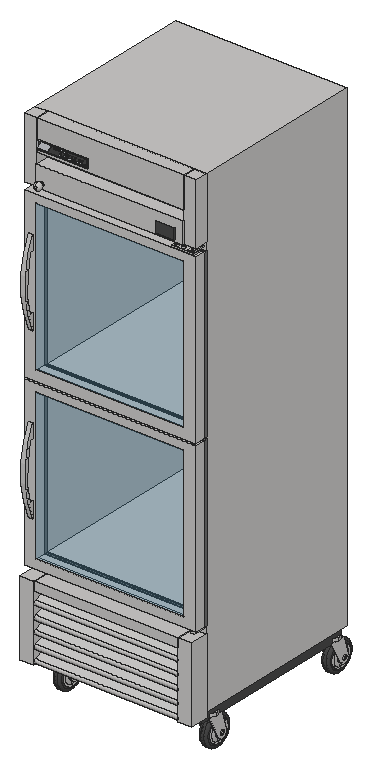
Revit family "QF_TRUE_T-23DT-G-HC~FGD01", category Specialty Equipment, Revit 2015 (continued)
Definition of nested family "CASTER-LEGS"
  Definition of nested family "C4"
    Forms (in)
      Revolve 1, solid, visible <- "Show 4 Inches Casters"
        sketch origin (-1.93794, 0.83816, -1.0041) x (1, 0, 0) y (0, 0, 1)
          loop
            line (0.74055, 2.5041) -> (3.15007, 2.5041) -> (3.15007, 2.5796) -> (3.10007, 2.6296) -> (3.04007, 2.6296) -> (3.04007, 2.74967) -> (2.62438, 2.74967) -> (2.62438, 2.93884) -> (2.48438, 3.01967) -> (2.45908, 3.17597) -> (2.51563, 3.17597) -> (2.51563, 3.41035) -> (2.48438, 3.41035) -> (2.48438, 4.0041) -> (1.375, 4.0041) -> (1.375, 3.41035) -> (1.34375, 3.41035) -> (1.34375, 3.17597) -> (1.4003, 3.17597) -> (1.37557, 3.02318) -> (1.235, 2.94202) -> (1.235, 2.74967) -> (0.85055, 2.74967) -> (0.85055, 2.6296) -> (0.79055, 2.6296) -> (0.74055, 2.5796) -> (0.74055, 2.5041)
          axis (0.74055, 2.5041) -> (3.15007, 2.5041)
        angle from 0 to 360
      Extrusion 2, solid, visible <- "Show 4 Inches Casters"
        sketch origin (-1.93794, 1.80294, -1.7541) x (0, 1, 0) y (0, 0, 1)
          loop
            line (-3.08794, 5.33423) -> (-3.08794, 5.00584) -> (-2.69466, 5.00584)
            arc (-2.69466, 5.00584) -> (-1.57175, 4.94895) -> (-0.46376, 4.75787) r 9.36411
            arc (-0.46376, 4.75787) -> (-0.05889, 4.58436) -> (0.28335, 4.30705) r 1.60049
            line (0.28335, 4.30705) -> (0.34449, 4.39437)
            arc (0.34449, 4.39437) -> (0.12713, 4.6163) -> (-0.1239, 4.79931) r 1.8753
            line (-0.1239, 4.79931) -> (-0.05749, 4.91421)
            arc (-0.05749, 4.91421) -> (-0.33807, 5.05694) -> (-0.64294, 5.13542) r 1.44292
            line (-0.64294, 5.13542) -> (-0.64294, 5.33423) -> (-3.08794, 5.33423)
        from 1.1267 to 2.74918
      Revolve 3, solid, visible <- "Show 4 Inches Casters"
        sketch origin (0, 2.15543, -2.25) x (0, 1, 0) y (0, 0, 1)
          loop
            line (-2.21793, 6.25) -> (-2.21793, 5.83014) -> (-1.05793, 5.83014) -> (-1.05793, 6.25) -> (-2.21793, 6.25)
          axis (-2.21793, 5.83014) -> (-2.21793, 6.25)
        angle from 0 to 360
      Extrusion 4, solid, visible <- "Show 4 Inches Casters"
        sketch origin (-1.93794, 1.80294, -1.7541) x (0, 1, 0) y (0, 0, 1)
          loop
            line (-3.08794, 5.33423) -> (-3.08794, 5.00584) -> (-2.8913, 5.00584)
            arc (-2.8913, 5.00584) -> (-2.09118, 4.14057) -> (-1.45681, 3.14736) r 6.63355
            arc (-1.45681, 3.14736) -> (-0.85703, 2.75969) -> (-0.4561, 3.35069) r 0.5107
            arc (-0.4561, 3.35069) -> (-0.27092, 3.92503) -> (0.24034, 4.24562) r 0.88136
            line (0.24034, 4.24562) -> (0.34449, 4.39437)
            arc (0.34449, 4.39437) -> (0.12713, 4.6163) -> (-0.1239, 4.79931) r 1.8753
            line (-0.1239, 4.79931) -> (-0.05749, 4.91421)
            arc (-0.05749, 4.91421) -> (-0.33807, 5.05694) -> (-0.64294, 5.13542) r 1.44292
            line (-0.64294, 5.13542) -> (-0.64294, 5.33423) -> (-3.08794, 5.33423)
        from 2.74918 to 2.90825
      Extrusion 5, solid, visible <- "Show 4 Inches Casters"
        sketch origin (1.93794, 1.80294, -1.7541) x (0, 1, 0) y (0, 0, -1)
          loop
            line (-3.08794, -5.33423) -> (-0.64294, -5.33423) -> (-0.64294, -5.13542)
            arc (-0.64294, -5.13542) -> (-0.33807, -5.05694) -> (-0.05749, -4.91421) r 1.44292
            line (-0.05749, -4.91421) -> (-0.1239, -4.79931)
            arc (-0.1239, -4.79931) -> (0.12713, -4.6163) -> (0.34449, -4.39437) r 1.8753
            line (0.34449, -4.39437) -> (0.24034, -4.24562)
            arc (0.24034, -4.24562) -> (-0.27092, -3.92503) -> (-0.4561, -3.35069) r 0.88136
            arc (-0.4561, -3.35069) -> (-0.85703, -2.75969) -> (-1.45681, -3.14736) r 0.5107
            arc (-1.45681, -3.14736) -> (-2.09118, -4.14057) -> (-2.8913, -5.00584) r 6.63355
            line (-2.8913, -5.00584) -> (-3.08794, -5.00584) -> (-3.08794, -5.33423)
        from 2.74918 to 2.90825
    Cuts and joins
      joined: Extrusion 2, Extrusion 4, Extrusion 5
    Lines and regions (in)
      symbolic lines, visible <- "Show 4 Inches Casters"
        curve 1: line (0.28481, 1.83041, 0) -> (1.24556, 1.27572, 0)
        curve 2: line (-1.26206, -0.84886, 0) -> (0.28481, 1.83041, 0)
        curve 3: line (-0.30132, -1.40355, 0) -> (-1.26206, -0.84886, 0)
        curve 4: line (1.24556, 1.27572, 0) -> (-0.30132, -1.40355, 0)
    Dimensions and locks (in)
      plane 4 "TOP" to level = 4"  (x2)
      aligned and locked: level to plane 1
  Definition of nested family "6 Inches Leg & Caster"
    Parameters
      Weight = ""
      URL Manufacturer = ""
      URL Cutsheet = ""
      URL = ""
      Type Mark [instance] = ""
      Status [instance] = ""
      Specification by User [instance] = ""
      Specification by Manufacturer = ""
      Show Casters [instance] = yes
      Serial Number = ""
      Seismic Rating = ""
      SMACNA No = ""
      Revision Code [instance] = ""
      Omniclass Number and Title = ""
      NAFEM Spec ID Number = ""
      Model = ""
      MasterSpec. = ""
      Manufacturer = ""
      Item Number [instance] = ""
      Installed By [instance] = ""
      Identify Quantity as Lot [instance] = yes
      Furnished By [instance] = ""
      Foodservice Equipment Identifier [instance] = yes
      Description = ""
      CSI MasterFormat = ""
      CSI Master Format = ""
    Reference planes (in)
      plane 1 "BACK": y = 0
      plane 2: z = 0
      plane 3 "LEFT": x = 0
      plane 4 "RIGHT": x = 0
      plane 5 "FRONT": y = 0
      plane 6 "TOP": z = 6.25
    Forms (in)
      Revolve 1, solid, visible <- "Show Casters"
        sketch origin (-2.21793, 0, -0.25) x (-1, 0, 0) y (0, 0, 1)
          loop
            line (-2.21793, 6) -> (-2.21793, 5.55584) -> (-0.93693, 5.55584) -> (-0.93693, 6) -> (-2.21793, 6)
          axis (-2.21793, 5.55584) -> (-2.21793, 6)
        angle from 0 to 360
      Extrusion 2, solid, visible <- "Show Casters"
        sketch origin (0.25594, 2.21793, -0.1875) x (0, 1, 0) y (0, 0, 1)
          loop
            line (-3.37793, 5.49334) -> (-3.37793, 5.24334) -> (-1.63015, 2.08504)
            arc (-1.63015, 2.08504) -> (-0.63555, 1.74359) -> (-0.1951, 2.69848) r 0.78437
            line (-0.1951, 2.69848) -> (-1.06726, 5.49334) -> (-3.37793, 5.49334)
        from 0.78968 to 0.90247
      Extrusion 3, solid, visible <- "Show Casters"
        sketch origin (0, 0, 5.75) x (0, 1, 0) y (-1, 0, 0)
          loop
            circle (0, 0) r 0.75
        from 0 to 0.5
      Extrusion 4, solid, visible <- "Show Casters"
        sketch origin (-0.25594, 2.21793, -0.1875) x (0, 1, 0) y (0, 0, -1)
          loop
            line (-3.37793, -5.49334) -> (-1.06726, -5.49334) -> (-0.1951, -2.69848)
            arc (-0.1951, -2.69848) -> (-0.63555, -1.74359) -> (-1.63015, -2.08504) r 0.78437
            line (-1.63015, -2.08504) -> (-3.37793, -5.24334) -> (-3.37793, -5.49334)
        from 0.78968 to 0.90247
      Extrusion 5, solid, visible <- "Show Casters"
        sketch origin (0, 0, 0.75) x (0, 1, 0) y (0, 0, 1)
          loop
            line (-1.16, 4.55584) -> (-1.16, 4.30584) -> (1.15067, 4.30584) -> (1.15067, 4.55584) -> (-1.16, 4.55584)
        from -1.04562 to 1.04562
      Revolve 6, solid, visible <- "Show Casters"
        sketch origin (-1.9375, 1.23015, -0.12802) x (1, 0, 0) y (0, 0, 1)
          loop
            line (0.5843, 2.5041) -> (0.5843, 2.3661) -> (0.6343, 2.3161) -> (0.6943, 2.3161) -> (0.6943, 2.1804) -> (1.1725, 2.1804) -> (1.1725, 1.78493) -> (1.31307, 1.70377) -> (1.42647, 1.00302) -> (1.28125, 1.00302) -> (1.28125, 0.75302) -> (1.3125, 0.75302) -> (1.3125, 0.50302)
            arc (1.3125, 0.50302) -> (1.42233, 0.23785) -> (1.6875, 0.12802) r 0.375
            line (1.6875, 0.12802) -> (2.1875, 0.12802)
            arc (2.1875, 0.12802) -> (2.45267, 0.23785) -> (2.5625, 0.50302) r 0.375
            line (2.5625, 0.50302) -> (2.5625, 0.75302) -> (2.59375, 0.75302) -> (2.59375, 1.00302) -> (2.44853, 1.00302) -> (2.5625, 1.70728) -> (2.7025, 1.78811) -> (2.7025, 2.1804) -> (3.1807, 2.1804) -> (3.1807, 2.3161) -> (3.2407, 2.3161) -> (3.2907, 2.3661) -> (3.2907, 2.5041) -> (0.5843, 2.5041)
          axis (0.5843, 2.5041) -> (3.2907, 2.5041)
        angle from 0 to 360
    Cuts and joins
      joined: Extrusion 2, Extrusion 4, Extrusion 5
    Lines and regions (in)
      symbolic lines, visible <- "Show Casters"
        curve 1: line (0.46086, 2.04455, 0) -> (1.54339, 1.41955, 0)
        curve 2: line (-1.53914, -1.41955, 0) -> (0.46086, 2.04455, 0)
        curve 3: line (-0.45661, -2.04455, 0) -> (-1.53914, -1.41955, 0)
        curve 4: line (1.54339, 1.41955, 0) -> (-0.45661, -2.04455, 0)
    Dimensions and locks (in)
      plane 6 "TOP" to level = 6 1/4"  (x2)
      aligned and locked: level to plane 2
  Definition of nested family "C2.5"
    Parameters
      Weight = ""
      URL Manufacturer = ""
      URL Cutsheet = ""
      URL = ""
      Type Mark [instance] = ""
      Status [instance] = ""
      Specification by User [instance] = ""
      Specification by Manufacturer = ""
      Serial Number = ""
      Seismic Rating = ""
      SMACNA No = ""
      Revision Code [instance] = ""
      Omniclass Number and Title = ""
      NAFEM Spec ID Number = ""
      Model = ""
      MasterSpec. = ""
      Manufacturer = ""
      Item Number [instance] = ""
      Installed By [instance] = ""
      Identify Quantity as Lot [instance] = yes
      Furnished By [instance] = ""
      Foodservice Equipment Identifier [instance] = yes
      Description = ""
      CSI MasterFormat = ""
      CSI Master Format = ""
      Assembly Code = ""
      2.5 Inches Caster [instance] = yes
    Reference planes (in)
      plane 1: z = 0
      plane 2 "RIGHT": x = 0
      plane 3 "FRONT": y = 0
      plane 4 "TOP": z = 2.5
    Forms (in)
      Revolve 1, solid, visible <- "2.5 Inches Caster"
        sketch origin (-1.93794, 0.83816, -1.0041) x (1, 0, 0) y (0, 0, 1)
          loop
            line (0.74055, 1.92597) -> (0.74055, 1.85047) -> (0.79055, 1.80047) -> (0.85055, 1.80047) -> (0.85055, 1.6804) -> (1.235, 1.6804) -> (1.235, 1.61305) -> (1.38673, 1.52545) -> (1.4003, 1.4416) -> (1.34375, 1.4416) -> (1.34375, 1.3166) -> (1.375, 1.3166) -> (1.375, 1.0041) -> (2.48438, 1.0041) -> (2.48438, 1.3166) -> (2.51563, 1.3166) -> (2.51563, 1.4416) -> (2.45908, 1.4416) -> (2.47322, 1.52897) -> (2.62438, 1.61624) -> (2.62438, 1.6804) -> (3.04007, 1.6804) -> (3.04007, 1.80047) -> (3.10007, 1.80047) -> (3.15007, 1.85047) -> (3.15007, 1.92597) -> (0.74055, 1.92597)
          axis (0.74055, 1.92597) -> (3.15007, 1.92597)
        angle from 0 to 360
      Extrusion 2, solid, visible <- "2.5 Inches Caster"
        sketch origin (-1.93794, 1.80294, -3.2541) x (0, 1, 0) y (0, 0, 1)
          loop
            line (-0.64294, 5.43229) -> (-0.64294, 5.55298) -> (-2.21294, 5.55298) -> (-2.21294, 5.30272) -> (-1.81966, 5.30272)
            arc (-1.81966, 5.30272) -> (-1.13638, 5.20789) -> (-0.46376, 5.05475) r 8.02767
            arc (-0.46376, 5.05475) -> (-0.19511, 4.95469) -> (0.05138, 4.80832) r 1.60049
            line (0.05138, 4.80832) -> (0.12713, 4.91318)
            arc (0.12713, 4.91318) -> (-0.07255, 5.06376) -> (-0.29048, 5.18644) r 1.8753
            line (-0.29048, 5.18644) -> (-0.22239, 5.30423)
            arc (-0.22239, 5.30423) -> (-0.42776, 5.38437) -> (-0.64294, 5.43229) r 1.44292
        from 1.17357 to 2.70231
      Revolve 3, solid, visible <- "2.5 Inches Caster"
        sketch origin (0, 2.10856, -3.75) x (0, 1, 0) y (0, 0, 1)
          loop
            line (-1.73858, 6.25) -> (-1.73858, 6.04889) -> (-1.05793, 6.04889) -> (-1.05793, 6.25) -> (-1.73858, 6.25)
          axis (-1.73858, 6.04889) -> (-1.73858, 6.25)
        angle from 0 to 360
      Extrusion 4, solid, visible <- "2.5 Inches Caster"
        sketch origin (-1.98481, 1.80294, -1.7541) x (0, 1, 0) y (0, 0, 1)
          loop
            line (-2.21294, 4.05298) -> (-2.21294, 3.80272) -> (-2.13999, 3.80272)
            arc (-2.13999, 3.80272) -> (-1.62379, 3.51899) -> (-1.39241, 2.97729) r 0.90292
            arc (-1.39241, 2.97729) -> (-1.36136, 2.78161) -> (-1.29729, 2.59413) r 1.15385
            arc (-1.29729, 2.59413) -> (-0.94802, 2.37355) -> (-0.6121, 2.61396) r 0.37001
            arc (-0.6121, 2.61396) -> (-0.59625, 2.66241) -> (-0.58446, 2.712) r 0.61695
            arc (-0.58446, 2.712) -> (-0.36134, 3.11665) -> (0.05609, 3.31484) r 0.75313
            line (0.05609, 3.31484) -> (0.12713, 3.41318)
            arc (0.12713, 3.41318) -> (-0.07255, 3.56376) -> (-0.29048, 3.68644) r 1.8753
            line (-0.29048, 3.68644) -> (-0.22239, 3.80423)
            arc (-0.22239, 3.80423) -> (-0.42776, 3.88437) -> (-0.64294, 3.93229) r 1.44292
            line (-0.64294, 3.93229) -> (-0.64294, 4.05298) -> (-2.21294, 4.05298)
        from 2.74918 to 2.90825
      Extrusion 5, solid, visible <- "2.5 Inches Caster"
        sketch origin (1.98481, 1.80294, -1.7541) x (0, 1, 0) y (0, 0, -1)
          loop
            line (-2.21294, -4.05298) -> (-0.64294, -4.05298) -> (-0.64294, -3.93229)
            arc (-0.64294, -3.93229) -> (-0.42776, -3.88437) -> (-0.22239, -3.80423) r 1.44292
            line (-0.22239, -3.80423) -> (-0.29048, -3.68644)
            arc (-0.29048, -3.68644) -> (-0.07255, -3.56376) -> (0.12713, -3.41318) r 1.8753
            line (0.12713, -3.41318) -> (0.05609, -3.31484)
            arc (0.05609, -3.31484) -> (-0.36134, -3.11665) -> (-0.58446, -2.712) r 0.75313
            arc (-0.58446, -2.712) -> (-0.59625, -2.66241) -> (-0.6121, -2.61396) r 0.61695
            arc (-0.6121, -2.61396) -> (-0.94802, -2.37355) -> (-1.29729, -2.59413) r 0.37001
            arc (-1.29729, -2.59413) -> (-1.36136, -2.78161) -> (-1.39241, -2.97729) r 1.15385
            arc (-1.39241, -2.97729) -> (-1.62379, -3.51899) -> (-2.13999, -3.80272) r 0.90292
            line (-2.13999, -3.80272) -> (-2.21294, -3.80272) -> (-2.21294, -4.05298)
        from 2.74918 to 2.90825
    Lines and regions (in)
      symbolic lines, visible <- "2.5 Inches Caster"
        curve 1: line (0.10651, 1.96132, 0) -> (0.80944, 1.55548, 0)
        curve 2: line (-0.89349, 0.22927, 0) -> (0.10651, 1.96132, 0)
        curve 3: line (-0.19056, -0.17657, 0) -> (-0.89349, 0.22927, 0)
        curve 4: line (0.80944, 1.55548, 0) -> (-0.19056, -0.17657, 0)
    Dimensions and locks (in)
      plane 4 "TOP" to level = 2 1/2"  (x2)
      aligned and locked: level to plane 1
